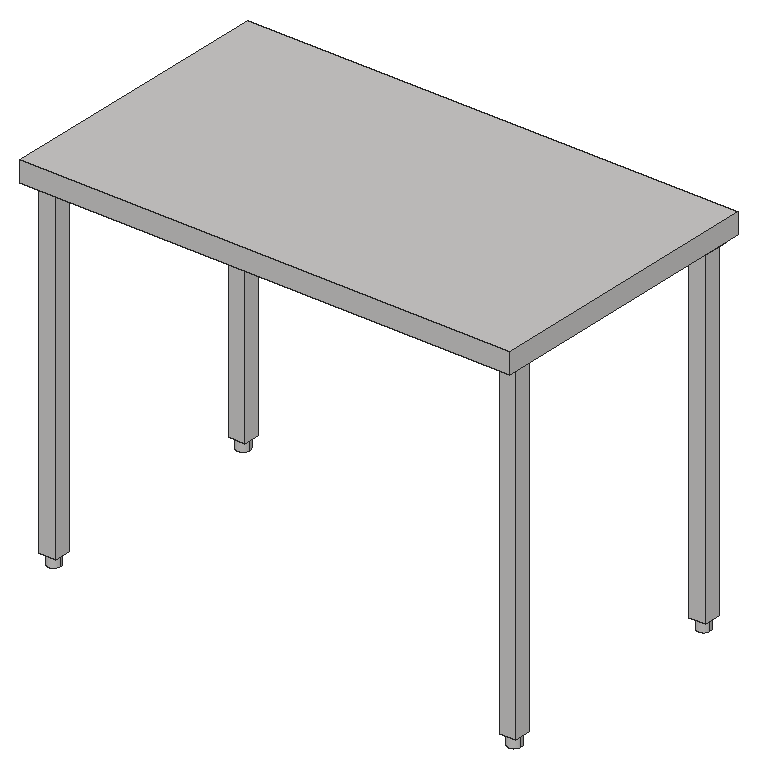
Revit family "QF_ELECTROLUXPROFESSIONAL_132724_TG1200PN", category Attrezzature speciali, Revit 2020
Family settings
  Quota connettore circolare = Usa diametro
  Tipo di parte = Normale
  Basato su piano di lavoro = No
  Sempre verticale = Sì
  Taglio con vuoti quando caricato = No
  Condiviso = No
  Punto di calcolo locali = No
Parameters (values of type "Standard")
  Weight = 40.00 kg
  Watts = 0 W
  Volts = 0 V
  URL Manufacturer = "https://www.electroluxprofessional.com/"
  URL = "https://www.electroluxprofessional.com/"
  Steam Supply Size = 0 mm
  Steam Supply Minimum Pressure = 0.0 Pa
  Steam Supply Maximum Pressure = 0.0 Pa
  Steam Consumption per Hour = 0
  Refrigeration Suction Line Size = 0.0 mm
  Refrigeration Liquid Line Size = 0.0 mm
  Refrigerant Compressor Remote = yes
  Prospetto di default = 0.0 mm
  Produttore = "Electrolux Professional"
  Phase = 0
  Modello = "TG1200PN"
  Length Actual = 1200.0 mm  # constant formula
  Item Number = "132724"
  Hot Water Size = 0 mm
  Height Actual = 900.0 mm  # constant formula
  HP = "0 HP"
  Gas Size = 0 mm
  Gas KW = 0
  Gas Input Pressure = 0 W
  Direct Waste Size = 0 mm
  Descrizione = "WORK TABLE 1200 MM"
  Depth Actual = 700.0 mm  # constant formula
  Cycle = 0 Hz
  Condensate Return Size = 0 mm
  Compressed Air Volume = 0.0 L/s
  Compressed Air Size = 0 mm
  Compressed Air Pressure = 0.0 Pa
  Cold Water Size = 0 mm
  Accessory = yes
Reference planes
  plane 1 "Center (Front/Back)": y = 0
  plane 2: z = 0
  plane 3 "Center (Left/Right)": x = -100
  plane 4 "LEFT": x = -700
  plane 5 "RIGHT": x = 500
  plane 6 "BACK": y = 350
  plane 7 "FRONT": y = -350
  plane 8 "Base": z = 850
  plane 9 "TOP": z = 900
  plane 10: x = -664.5
  plane 11: x = 464.5
  plane 12: y = 290
  plane 13: y = -290
Forms (mm)
  Extrusion 1, solid, material "QF_Finishes_Stainless Steel"
    sketch origin (-100, 0, 0) x (0, 1, 0) y (0, 0, 1)
      loop
        line (-350, 850) -> (350, 850) -> (350, 900) -> (-350, 900) -> (-350, 850)
    from 600 to -600
Lines and regions (mm)
  symbolic lines
    curve 1: line (500, 350, 900) -> (-700, 350, 900)
    curve 2: line (-700, 350, 900) -> (-700, -350, 900)
    curve 3: line (-700, -350, 900) -> (500, -350, 900)
    curve 4: line (500, -350, 900) -> (500, 350, 900)
Dimensions and locks
  plane 4 "LEFT" to plane 5 "RIGHT" = 1200.0 mm
  equal spacing: plane 4 "LEFT", plane 3 "Center (Left/Right)", plane 5 "RIGHT"
  locked: plane 8 "Base" to level at 850
  plane 4 "LEFT" to plane 10 = 35.5 mm
  plane 11 to plane 5 "RIGHT" = 35.5 mm
  plane 10 to plane 11 = 1129.0 mm
  locked: plane 9 "TOP" to level at 900
  plane 6 "BACK" to plane 12 = 60.0 mm
  plane 13 to plane 7 "FRONT" = 60.0 mm
  plane 6 "BACK" to plane 7 "FRONT" = 700.0 mm
  plane 12 to plane 13 = 580.0 mm
  equal spacing: plane 6 "BACK", plane 1 "Center (Front/Back)", plane 7 "FRONT"
  aligned and locked: level to plane 2
  aligned and locked: plane 10 to nested 1
  aligned and locked: nested 1 to plane 13
  aligned and locked: plane 11 to nested 2
  aligned and locked: nested 2 to plane 13
  aligned and locked: plane 11 to nested 4
  aligned and locked: nested 4 to plane 12
  aligned and locked: plane 10 to nested 3
  aligned and locked: nested 3 to plane 12
  aligned and locked: Extrusion 1 to plane 4 "LEFT"
  aligned and locked: plane 5 "RIGHT" to Extrusion 1
  aligned and locked: curve 2 to plane 4 "LEFT"
Automatic sketch dimensions
  Extrusion 1 sketch curve to plane 7 "FRONT" = 0.0 mm
  Extrusion 1 sketch curve to plane 8 "Base" = 0.0 mm
  curve 3 to plane 7 "FRONT" = 0.0 mm
  curve 4 to plane 6 "BACK" = 0.0 mm
  Extrusion 1 sketch curve to plane 9 "TOP" = 0.0 mm
  Extrusion 1 sketch curve to plane 6 "BACK" = 0.0 mm
  curve 4 to plane 5 "RIGHT" = 0.0 mm
Nested families
  nested 1: "FEET_40x40" at (-664.5, -290, 0), type "FEET_40x40"
  nested 2: "FEET_40x40" at (464.5, -290, 0), type "FEET_40x40"
  nested 3: "FEET_40x40" at (-664.5, 290, 0), type "FEET_40x40"
  nested 4: "FEET_40x40" at (464.5, 290, 0), type "FEET_40x40"
Definition of nested family "FEET_40x40"
  Parameters
    Default Elevation = 0.0 mm
    FEET = 850.0 mm
  Reference planes
    plane 1 "Center (Front/Back)": y = 0
    plane 2: z = 0
    plane 3 "Center (Left/Right)": x = 0
    plane 4: z = 850
  Forms (mm)
    Extrusion 1, solid
      sketch origin (0, 0, 0) x (1, 0, 0) y (0, 1, 0)
        loop
          line (-20, -20) -> (20, -20) -> (20, 20) -> (-20, 20) -> (-20, -20)
      from 25 to 845
    Extrusion 2, solid
      sketch origin (0, 0, 0) x (1, 0, 0) y (0, 1, 0)
        loop
          circle (0, 0) r 16
      from 0 to 25
    Extrusion 3, solid
      sketch origin (0, 0, 0) x (1, 0, 0) y (0, 1, 0)
        loop
          line (30, 30) -> (-30, 30) -> (-30, -30) -> (30, -30) -> (30, 30)
      from 845 to 850
  Lines and regions (mm)
    symbolic lines
      curve 1: line (0, -1.503, 0) -> (0, 1.508, 0)
      curve 2: line (1.561, 0, 0) -> (-1.439, 0, 0)
  Dimensions and locks
    "FEET": plane 4 to plane 2
    aligned and locked: level to plane 2
  Automatic sketch dimensions
    Extrusion 1 sketch curve to plane 3 "Center (Left/Right)" = 20.0 mm
    plane 3 "Center (Left/Right)" to Extrusion 1 sketch curve = 20.0 mm
    plane 1 "Center (Front/Back)" to Extrusion 1 sketch curve = 20.0 mm
    Extrusion 1 sketch curve to plane 1 "Center (Front/Back)" = 20.0 mm
    plane 1 "Center (Front/Back)" to Extrusion 2 sketch curve = 0.0 mm
    Extrusion 2 sketch curve to plane 3 "Center (Left/Right)" = 0.0 mm
    plane 3 "Center (Left/Right)" to Extrusion 3 sketch curve = 30.0 mm
    Extrusion 3 sketch curve to plane 1 "Center (Front/Back)" = 30.0 mm
    Extrusion 3 sketch curve to plane 3 "Center (Left/Right)" = 30.0 mm
    plane 1 "Center (Front/Back)" to Extrusion 3 sketch curve = 30.0 mm
    plane 1 "Center (Front/Back)" to curve 2 = 0.0 mm
    curve 1 to plane 3 "Center (Left/Right)" = 0.0 mm
    curve 2 to plane 3 "Center (Left/Right)" = 1.439 mm
    plane 3 "Center (Left/Right)" to curve 2 = 1.561 mm
    plane 1 "Center (Front/Back)" to curve 1 = 1.503 mm
    curve 1 to plane 1 "Center (Front/Back)" = 1.508 mm
    radius of Extrusion 2 sketch curve = 16.0 mm
